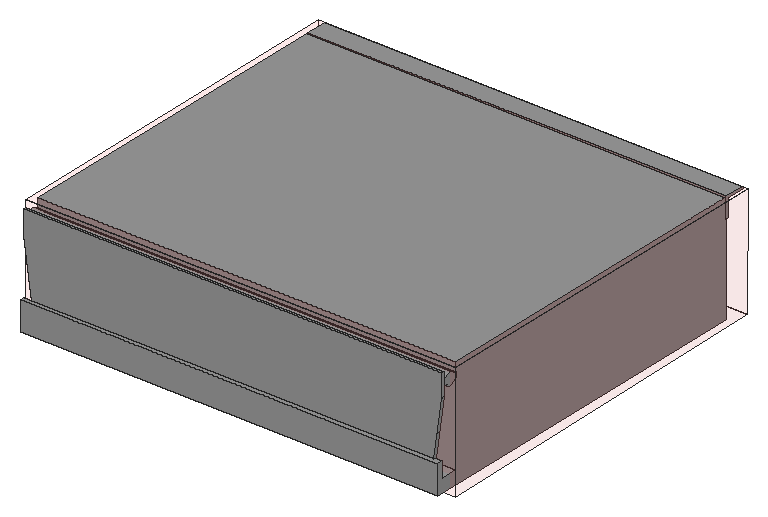
Revit family "Dock_Leveler_Nova-Tech_NHS", category Generic Models, Revit 2017
Family settings
  Can host rebar = No
  Round Connector Dimension = Use Diameter
  Part Type = Normal
  OmniClass Number = 23.50.70.14
  OmniClass Title = Dock Levelers
  Work Plane-Based = Yes
  Always vertical = No
  Cut with Voids When Loaded = No
  Shared = No
  Room Calculation Point = No
Parameters
  Weather Seals [instance] = "[Rubber][Brush]"
  Warranty Duration (Years) = 0
  Voltage [instance] = 208 V
  Unit Width = 6' - 0"
  Unit Length = Pit Length + 0' 2 1/2"  # 5' - 5 1/2"
  Unit Depth = 1' - 7"
  URL = "http://www.novalocks.com/"
  Test Data = ""
  Steel Pan_4 Sided [instance] = yes
  Steel Pan_3 Sided [instance] = yes
  Specification = "http://arcat.com/arcatcos/cos43/arc43493.html?isac=1&r=2"
  SpecWizard = ""
  Send Message = "http://www.arcat.com/users.pl?action=UserEmail&company=Nova+Technology&coid=43493&rep=132&fax=262-502-1511&mf="
  Sales Information = "http://www.novalocks.com/general-contact-info/"
  Safety Barrier Lip [instance] = yes
  Revision = "R1_04-2013"
  Product Properties = ""
  Product Data = "http://arcat.com/arcatcos/cos43/arc43493.html?isac=1&r=2"
  Pit Width = 6' - 2"
  Pit Length = 5' - 3"
  Pit Depth_Rear = Pit Depth_Front - 0' 0 1/2"  # 1' - 7 1/2"
  Pit Depth_Front = 1' - 8"
  Number of Poles [instance] = 1
  Model = "As Specified"
  Manufacturer Website = "http://www.novalocks.com/"
  Manufacturer Phone - Toll Free = "800-236-7325"
  Manufacturer Phone = "262-502-1591"
  Manufacturer Fax = "262-502-1511"
  Manufacturer Address = "N90 W14507 Commerce Dr. Menomonee Falls, WI 53051"
  Manufacturer = "Nova Technology"
  Maintenance Schedule (Months) = 0
  Lip Size [instance] = 1' - 4"
  Keynote = "11160"
  Installation-Fabrication = ""
  Installation Phase = ""
  Green Building-LEED = ""
  Emergency Stop [instance] = yes
  Foam Insulated Deck [instance] = yes
  Fixture Material = Metal - Nova - Gray
  Expected Lifespan (Years) = 0
  Drawn By = "Sumex Design, Inc. / Robert S. Weygant, CSI, CDT, SCIP"
  Description = "Nova Technology Dock Product as Specified"
  Default Elevation = 0' - 0"
  Copyright = "©Arcat Inc."
  Construction Details = ""
  Pit Clearance Visible [instance] = yes
  Clean Pit [instance] = yes
  Capacity = "as Specified"
  Building Codes = ""
  Black and Yellow Safety Tape [instance] = yes
  Automatic Return to Closed [instance] = yes
  Assembly Code = "E1030300"
  Apparent Load [instance] = 0 VA
  3-Wheel Fork Truck Support [instance] = yes
  24 inch Pit Kit [instance] = yes
Reference planes (in)
  plane 1 "Interior Pit Edge": y = 0
  plane 2 "Host": z = 0
  plane 3 "Center (Left/Right)": x = 0
  plane 4 "OH": y = -65.5
  plane 5: x = -36
  plane 6: x = 36
  plane 7: z = 20
  plane 8: z = 0.5
  plane 9: z = 1
  plane 10: x = -37
  plane 11: x = 37
  plane 12: y = -63
  plane 13: y = -3.5
Forms (in)
  Extrusion 1, solid, material "Metal - Nova - Gray" <- "Fixture Material"
    sketch origin (0, 0, 0) x (1, 0, 0) y (0, 1, 0)
      loop
        line (-36, -3.5) -> (-36, -61.625) -> (36, -61.625) -> (36, -3.5) -> (-36, -3.5)
    from 1 to 20
  Extrusion 2, solid, material "Metal - Nova - Gray" <- "Fixture Material"
    sketch origin (0, 0, 0) x (0, 1, 0) y (0, 0, 1)
      loop
        line (-61.625, 18.4375) -> (-62.10058, 18.4375)
        arc (-62.10058, 18.4375) -> (-62.96875, 18.93936) -> (-63.83692, 18.4375) r 1.00186
        line (-63.83692, 18.4375) -> (-64.3125, 18.4375) -> (-64.3125, 17.4375) -> (-63.83692, 17.4375)
        arc (-63.83692, 17.4375) -> (-62.96875, 16.93564) -> (-62.10058, 17.4375) r 1.00186
        line (-62.10058, 17.4375) -> (-61.625, 17.4375) -> (-61.625, 18.4375)
    from -36 to 36
  Extrusion 3, solid, material "Metal - Nova - Gray" <- "Fixture Material"
    sketch origin (0, 0, 0) x (0, 1, 0) y (0, 0, 1)
      loop
        line (-61.625, 1) -> (-61.625, 3.25) -> (-64.75, 3.25) -> (-64.75, 6) -> (-65.5, 6) -> (-65.5, 1) -> (-61.625, 1)
    from -36 to 36
  Extrusion 4, solid, material "Metal - Nova - Gray" <- "Fixture Material"
    sketch origin (-11.94222, -65.5, 48) x (-1, 0, 0) y (0, 0, 1)
      loop
        line (24.05778, -28.31064) -> (-47.94222, -28.31064) -> (-47.94222, -32.31064) -> (-46.19398, -44.75) -> (22.30954, -44.75) -> (24.05778, -32.31064) -> (24.05778, -28.31064)
    from 0.75 to 1.1875
  Extrusion 5, solid, material "Metal - Nova - Gray" <- "Fixture Material"
    sketch origin (0, 0, 0) x (0, 1, 0) y (0, 0, 1)
      loop
        line (-3.5, 20) -> (-3.5, 16.5) -> (-3.125, 16.5) -> (-3.125, 19.625) -> (0, 19.625) -> (0, 20) -> (-3.5, 20)
    from -36 to 36
  Extrusion 6, void
    sketch origin (0, 0, 0) x (0, 1, 0) y (0, 0, 1)
      loop
        line (-3.5, 20) -> (-3.875, 20) -> (-3.875, 18.75) -> (-3.5, 18.75) -> (-3.5, 20)
    from -36 to 36
  Extrusion 7, solid, visible <- "Pit Clearance Visible"
    sketch origin (65.95756, -35.6525, 0) x (0, 1, 0) y (0, 0, 1)
      loop
        line (35.6525, 0.5) -> (35.6525, 20) -> (-27.3475, 20) -> (-27.3475, 0) -> (35.6525, 0.5)
    from -102.95756 to -28.95756
Cuts and joins
  Extrusion 6 cuts Extrusion 1
  Extrusion 6 cuts Extrusion 3
  joined: Extrusion 1, Extrusion 3
  Extrusion 6 cuts Extrusion 5
Lines and regions (in)
  reference lines
    curve 1: line (0, 0, 0.5) -> (0, -63, 0)
Dimensions and locks (in)
  equal spacing: plane 5, plane 3 "Center (Left/Right)", plane 6
  "Unit Width": plane 5 to plane 6
  "Unit Length": plane 4 "OH" to plane 1 "Interior Pit Edge"
  locked: plane 8 to level at 0.5
  "Pit Depth_Front": plane 7 to level
  "Unit Depth": plane 7 to plane 9
  equal spacing: plane 10, plane 3 "Center (Left/Right)", plane 11
  "Pit Width": plane 10 to plane 11
  "Pit Length": plane 12 to plane 1 "Interior Pit Edge"
  locked: plane 13 to plane 1 "Interior Pit Edge" at 3.5
  locked: Extrusion 1 sketch curve to plane 12 at 1.375
  plane 4 "OH" to Extrusion 2 sketch curve to Extrusion 2 sketch curve to Extrusion 2 sketch curve = 0' - 1 3/16" locked, 0' - 1 11/32" locked, 0' - 1 11/32" locked
  Extrusion 3 sketch curve to Extrusion 3 sketch curve to plane 9 = 0' - 2 3/4" locked, 0' - 2 1/4" locked
  plane 4 "OH" to Extrusion 3 sketch curve to Extrusion 3 sketch curve = 0' - 0 3/4" locked, 0' - 3 1/8" locked
  plane 7 to Extrusion 4 sketch curve to Extrusion 4 sketch curve to Extrusion 4 sketch curve = 0' - 0.31064" locked, 0' - 4" locked, 1' - 0.43936" locked
  locked: plane 7 to Extrusion 4 sketch curve at 4.31064
  plane 7 to Extrusion 5 sketch curve to Extrusion 5 sketch curve = 0' - 0 3/8" locked, 0' - 3 1/8" locked
  locked: Extrusion 6 sketch curve to plane 13 at 0.375
  locked: plane 7 to Extrusion 6 sketch curve at 1.25
  aligned and locked: plane 12 to curve 1
  aligned and locked: level to curve 1
  aligned and locked: plane 1 "Interior Pit Edge" to curve 1
  aligned and locked: plane 8 to curve 1
  aligned and locked: plane 5 to Extrusion 1 sketch curve
  aligned and locked: Extrusion 1 sketch curve to plane 13
  aligned and locked: Extrusion 1 sketch curve to plane 6
  aligned and locked: plane 7 to Extrusion 1
  aligned and locked: Extrusion 1 to plane 9
  aligned and locked: plane 6 to Extrusion 2
  aligned and locked: Extrusion 2 to plane 5
  aligned and locked: plane 4 "OH" to Extrusion 3 sketch curve
  aligned and locked: plane 9 to Extrusion 3 sketch curve
  aligned and locked: plane 6 to Extrusion 3
  aligned and locked: Extrusion 3 to plane 5
  aligned and locked: Extrusion 5 sketch curve to plane 7
  aligned and locked: plane 6 to Extrusion 6
  aligned and locked: Extrusion 6 to plane 5
  aligned and locked: plane 6 to Extrusion 5
  aligned and locked: Extrusion 5 to plane 5
  aligned and locked: plane 1 "Interior Pit Edge" to Extrusion 7 sketch curve
  aligned and locked: Extrusion 7 sketch curve to plane 7
  aligned and locked: plane 12 to Extrusion 7 sketch curve
  aligned and locked: Extrusion 7 sketch curve to curve 1
  aligned and locked: Extrusion 7 to plane 10
  aligned and locked: plane 11 to Extrusion 7
Automatic sketch dimensions
  Extrusion 2 sketch curve to Extrusion 2 sketch curve = 0' - 0.47558"
  Extrusion 2 sketch curve to Extrusion 2 sketch curve = 0' - 0"  (x5)
  Extrusion 2 sketch curve to plane 7 = 0' - 2 9/16"
  Extrusion 2 sketch curve to Extrusion 2 sketch curve = 0' - 0 1/2"
  Extrusion 2 sketch curve to Extrusion 2 sketch curve = 0' - 1"
  Extrusion 4 sketch curve to plane 6 = 0' - 0"
  Extrusion 4 sketch curve to plane 5 = 0' - 0"
  Extrusion 4 sketch curve to plane 6 = 0' - 1.74824"
  plane 5 to Extrusion 4 sketch curve = 0' - 1.74824"
  Extrusion 5 sketch curve to plane 13 = 0' - 0"
  Extrusion 5 sketch curve to plane 1 "Interior Pit Edge" = 0' - 0"
  plane 13 to Extrusion 5 sketch curve = 0' - 0 3/8"
  Extrusion 6 sketch curve to plane 7 = 0' - 0"
  Extrusion 6 sketch curve to plane 13 = 0' - 0"
Connectors (in)
  electrical at (0, -34.5, 1)
    settings: on cut or joined group of Extrusion 1, Extrusion 3, Extrusion 6, index 1, voltage 0 V, apparent load 0 VA, apparent load phase1 0 VA, apparent load phase2 0 VA, apparent load phase3 0 VA, power factor 1, load classification "Other", number of poles 1, system type 13, power factor state 1, is connector primary yes, connector utility no, sub classification motor no, connector description ""
  electrical at (0, -3.5, 9.875), driven by "Number of Poles", driven by "Voltage", driven by "Apparent Load"
    settings: on cut or joined group of Extrusion 1, Extrusion 3, Extrusion 6, index 2, voltage 208 V, apparent load 0 VA, apparent load phase1 0 VA, apparent load phase2 0 VA, apparent load phase3 0 VA, power factor 1, load classification "Power", number of poles 1, system type 31, power factor state 1, is connector primary no, connector utility no, sub classification motor no, connector description ""
